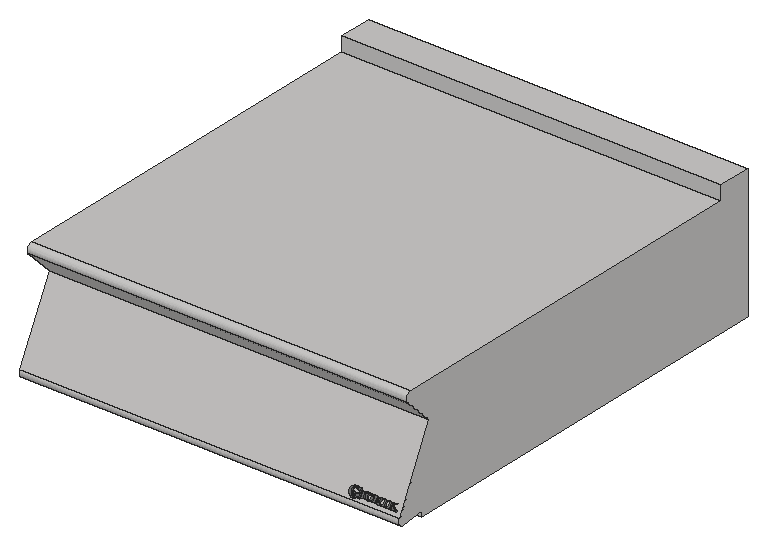
Revit family "QF_GIORIK_EN940T", category Specialty Equipment, Revit 2014
Parameters (values of type "EN940T")
  Weight in Pounds = 99.2079
  URL Cutsheet = "www.giorik.com"
  URL = "www.giorik.com"
  Status [instance] = ""
  Specification by User [instance] = ""
  Specification by Manufacturer = ""
  Show Logo [instance] = yes
  Show Clearance [instance] = yes
  Serial Number = ""
  Seismic Rating = ""
  SMACNA No = ""
  Revision Code [instance] = ""
  NAFEM Spec ID Number = ""
  Model = "EN940T"
  Masterspec = ""
  Manufacturer = "GIORIK"
  Item Number [instance] = ""
  Installed By [instance] = ""
  Identify Quantity as Lot [instance] = no
  Furnished By [instance] = ""
  Foodservice Equipment Identifier [instance] = yes
  Description = "NEUTRAL UNIT - COUNTERTOP"
  CSI MasterFormat = ""
  Assembly Code = "E1090320"
Reference planes
  plane 1 "Back": y = 0
  plane 2: z = 0
  plane 3 "Left": x = 0
  plane 4 "Right": x = 800
  plane 5 "Front": y = -920
  plane 6 "Top": z = 300
Forms (mm)
  Extrusion 1, solid, visible <- "Show Logo"
    sketch origin (596.604, -936.761, 9.486) x (-1, 0, 0) y (0, 0.452718, 0.891654)
      loop
        line (-118.824, 58.358) -> (-127.804, 58.358) -> (-125.523, 56.445) -> (-125.523, 48.027) -> (-127.804, 46.113) -> (-118.824, 46.113) -> (-121.105, 48.027) -> (-121.105, 56.445) -> (-118.824, 58.358)
      loop
        line (-163.721, 58.358) -> (-172.7, 58.358) -> (-170.42, 56.445) -> (-170.42, 48.027) -> (-172.7, 46.113) -> (-163.721, 46.113) -> (-166.001, 48.027) -> (-166.001, 56.445) -> (-163.721, 58.358)
      loop
        line (-174.332, 58.358) -> (-183.312, 58.358) -> (-181.031, 56.445) -> (-181.031, 52.435) -> (-186.419, 56.955) -> (-184.416, 58.358) -> (-191.268, 58.358) -> (-188.01, 56.839) -> (-185.455, 54.283) -> (-190.846, 47.858) -> (-193.396, 46.93) -> (-193.396, 46.113) -> (-184.416, 46.113) -> (-185.437, 47.571) -> (-182.443, 51.552) -> (-181.031, 50.894) -> (-181.031, 48.027) -> (-183.312, 46.113) -> (-174.332, 46.113) -> (-176.613, 48.027) -> (-176.613, 56.445) -> (-174.332, 58.358)
      loop
        line (-115.429, 62.063) -> (-115.429, 54.198)
        arc (-115.429, 54.198) -> (-111.618, 57.803) -> (-106.847, 59.986) r 16.039
        arc (-106.847, 59.986) -> (-103.314, 59.837) -> (-100.512, 57.68) r 5.851
        arc (-100.512, 57.68) -> (-98.815, 52.267) -> (-100.512, 46.853) r 9.479
        arc (-100.512, 46.853) -> (-102.406, 44.986) -> (-104.846, 43.93) r 7.236
        arc (-104.846, 43.93) -> (-107.728, 44.111) -> (-110.052, 45.825) r 5.11
        line (-110.052, 45.825) -> (-110.052, 52.001) -> (-116.141, 52.001) -> (-116.141, 45.503) -> (-117.893, 43.751) -> (-114.094, 44.769)
        arc (-114.094, 44.769) -> (-112.56, 44.947) -> (-111.129, 44.366) r 3.115
        arc (-111.129, 44.366) -> (-104.216, 42.091) -> (-97.303, 44.366) r 11.641
        arc (-97.303, 44.366) -> (-93.396, 52.107) -> (-97.303, 59.849) r 9.622
        arc (-97.303, 59.849) -> (-104.369, 62.174) -> (-111.435, 59.849) r 11.898
        line (-111.435, 59.849) -> (-115.429, 62.063)
      loop
        arc (-129.234, 56.068) -> (-135.893, 58.628) -> (-142.552, 56.068) r 9.941
        arc (-142.552, 56.068) -> (-144.234, 52.286) -> (-142.552, 48.505) r 5.093
        arc (-142.552, 48.505) -> (-135.893, 45.945) -> (-129.234, 48.505) r 9.941
        arc (-129.234, 48.505) -> (-127.552, 52.286) -> (-129.234, 56.068) r 5.093
      loop
        arc (-132.628, 54.403) -> (-135.893, 57.668) -> (-139.158, 54.403) r 3.265
        line (-139.158, 54.403) -> (-139.158, 50.169)
        arc (-139.158, 50.169) -> (-135.893, 46.904) -> (-132.628, 50.169) r 3.265
        line (-132.628, 50.169) -> (-132.628, 54.403)
      loop
        arc (-156.363, 58.365) -> (-159.647, 55.081) -> (-156.363, 51.796) r 3.285
        line (-156.363, 51.796) -> (-159.529, 47.306) -> (-162.087, 46.113) -> (-155.847, 46.113) -> (-153.529, 51.083) -> (-150.637, 51.083) -> (-150.637, 47.784) -> (-153.022, 46.113) -> (-144.011, 46.113) -> (-146.094, 47.68) -> (-146.094, 56.493) -> (-144.229, 58.365) -> (-156.363, 58.365)
      loop
        line (-150.637, 57.512) -> (-153.637, 57.512)
        arc (-153.637, 57.512) -> (-156.237, 54.912) -> (-153.637, 52.312) r 2.6
        line (-153.637, 52.312) -> (-150.637, 52.312) -> (-150.637, 57.512)
      loop
        line (-108.924, 52.001) -> (-104.936, 49.005) -> (-100.948, 52.001) -> (-108.924, 52.001)
    from 1.5 to -0.5
  Extrusion 2, solid
    sketch origin (0, 800, -620) x (0, 1, 0) y (0, 0, 1)
      loop
        line (-800, 919.988) -> (-870, 919.988) -> (-870, 889.988) -> (-1688.806, 889.988)
        arc (-1688.806, 889.988) -> (-1699.151, 883.075) -> (-1696.724, 870.873) r 11.197
        line (-1696.724, 870.873) -> (-1640.876, 815.025) -> (-1718.948, 661.258)
        arc (-1718.948, 661.258) -> (-1718.233, 650.105) -> (-1708.118, 645.354) r 10.981
        line (-1708.118, 645.354) -> (-1660, 649.925) -> (-1660, 640) -> (-800, 640) -> (-800, 919.988)
    from 0 to 800
  Extrusion 3, solid
    sketch origin (543.603, 45.293, -30) x (0, 1, 0) y (-1, 0, 0)
      loop
        circle (-79.293, 516.603) r 5
    from 41.965 to 50
  Revolve 4, solid
    sketch origin (27, 49.943, -600) x (0, 1, 0) y (0, 0, 1)
      loop
        line (-83.943, 611.965) -> (-94.752, 611.965) -> (-97.943, 600) -> (-83.943, 600) -> (-83.943, 611.965)
      axis (-83.943, 611.965) -> (-83.943, 600)
    angle from 0 to 360
  Extrusion 5, solid
    sketch origin (-143.603, 45.293, -30) x (0, 1, 0) y (-1, 0, 0)
      loop
        circle (-79.293, -516.603) r 5
    from 41.965 to 50
  Revolve 6, solid
    sketch origin (373, 49.943, -600) x (0, 1, 0) y (0, 0, -1)
      loop
        line (-83.943, -611.965) -> (-83.943, -600) -> (-97.943, -600) -> (-94.752, -611.965) -> (-83.943, -611.965)
      axis (-83.943, -611.965) -> (-83.943, -600)
    angle from 0 to 360
  Extrusion 7, solid
    sketch origin (543.603, -724.774, -30) x (0, 1, 0) y (-1, 0, 0)
      loop
        circle (-79.293, 516.603) r 5
    from 41.965 to 50
  Revolve 8, solid
    sketch origin (27, -720.125, -600) x (0, 1, 0) y (0, 0, 1)
      loop
        line (-83.943, 611.965) -> (-94.752, 611.965) -> (-97.943, 600) -> (-83.943, 600) -> (-83.943, 611.965)
      axis (-83.943, 611.965) -> (-83.943, 600)
    angle from 0 to 360
  Extrusion 9, solid
    sketch origin (-143.603, -724.774, -30) x (0, 1, 0) y (-1, 0, 0)
      loop
        circle (-79.293, -516.603) r 5
    from 41.965 to 50
  Revolve 10, solid
    sketch origin (373, -720.125, -600) x (0, 1, 0) y (0, 0, -1)
      loop
        line (-83.943, -611.965) -> (-83.943, -600) -> (-97.943, -600) -> (-94.752, -611.965) -> (-83.943, -611.965)
      axis (-83.943, -611.965) -> (-83.943, -600)
    angle from 0 to 360
Lines and regions (mm)
  symbolic lines, style "200-EquipBorder-2D"
    curve 1: line (0, -920, 0) -> (800, -920, 0)
    curve 2: line (800, -920, 0) -> (800, 0, 0)
    curve 3: line (800, 0, 0) -> (0, 0, 0)
    curve 4: line (0, 0, 0) -> (0, -920, 0)
  symbolic lines, style "200-EquipInternal-2D"
    curve 5: line (0, -70, 300) -> (800, -70, 300)
Dimensions and locks
  plane 3 "Left" to plane 4 "Right" = 800 mm
  plane 5 "Front" to plane 1 "Back" = 920 mm
  plane 4 "Right" to plane 3 "Left" = 800 mm
  plane 1 "Back" to plane 5 "Front" = 920 mm
  plane 6 "Top" to level = 300 mm  (x2)
  aligned and locked: level to plane 2
